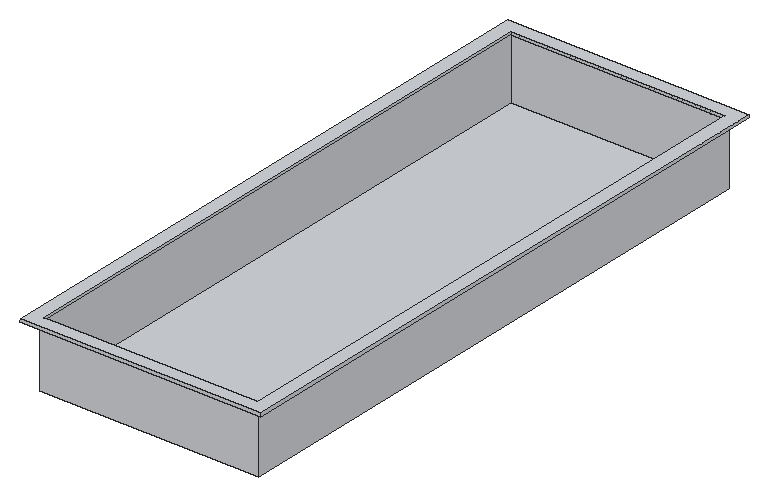
Revit family "Hager-Volta-IP30-Hollow_wall-vuoto-CH-it", category Electrical Equipment, host Face, Revit 2020
Family settings
  Host = Face
  Panel Configuration = Two Columns, Circuits Across
  Round Connector Dimension = Use Diameter
  Part Type = Panelboard
  Cut with Voids When Loaded = No
  Shared = No
  Room Calculation Point = No
Parameters (values of type "incassato  L330 A880 P94.5 12 Unità di divisione - VH60NK")
  Width Control [instance] = if([HG000006 - Ad incasso], if([EF000846 - larghezza di montaggio] > min_whd, [EF000846 - larghezza di montaggio], min_whd), if([EF000008 - Larghezza] > min_whd, ([EF000008 - Larghezza]), min_whd))  # 314 mm
  Void Depth [instance] = if([HG000006 - Ad incasso], Depth Control, 1 mm)  # 90 mm
  Type Comments = [HG000003 - Gamma]  # "Volta"
  System Height [instance] = Height Control - 2 * [HG000005 - Spessore]  # 840 mm
  Model = [HG000004 - Codice produttore]  # "VH60NK"
  HG000017 - Distanza tra i poli = 18 mm
  HG000016 - Visibilità delle porte nella vista 3D [instance] = yes
  HG000015 - Visibilità attraverso la porta [instance] = no
  HG000014 - Porta destra [instance] = yes
  HG000013 - Porta sinistra [instance] = not([HG000014 - Porta destra])  # no
  HG000012 - Angolo di apertura della porta [instance] = 45.00°
  HG000011 - File vuote nella parte basse = no
  HG000010 - Porte asimmetriche = no
  HG000009 - Porta doppia a battente = no
  HG000008 - Numero di file vuote = 0
  HG000007 - Numero di colonne vuote = 0
  HG000006 - Ad incasso = yes
  HG000005 - Spessore = 3 mm  # constant formula
  HG000004 - Codice produttore = "VH60NK"
  HG000003 - Gamma = "Volta"
  HG000002 - Con porta = no
  HG000001 - Numero di colonne = 0
  EF015941 - Segnale di passaggio porta = no
  EF015777 - Morsettiera neutra = no
  EF015776 - Morsettiera di terra = no
  EF009212 - esecuzione coperchio = "EV000116 - chiuso"
  EF006306 - con serratura = no
  EF006244 - coperchio/porta trasparente = no
  EF005474 - grado di protezione (IP) = ""
  EF004462 - tipo di chiusura = ""
  EF002950 - Numero moduli DIN = 12
  EF001596 - Attacco Lampada = "EV000139 - plastica"
  EF001134 - barra DIN = no
  EF001131 - profondità interna = 92 mm
  EF001088 - possibilità di applicazione = yes
  EF001062 - esecuzione EMC = yes
  EF000846 - larghezza di montaggio = 314 mm
  EF000339 - tipo di copertura = ""
  EF000332 - Altezza della parte incassata = 846 mm
  EF000266 - numero di file = 5
  EF000218 - profondità di incasso = 90 mm
  EF000118 - con piastra di montaggio = no
  EF000116 - numero RAL = "9010"
  EF000049 - profondità = 94 mm
  EF000040 - Altezza = 880 mm
  EF000008 - Larghezza = 330 mm
  EF000007 - colore = "EV000202 - bianco"
  EF000003 - Tipo di montaggio = "EV000128 - parete forata"
  Arrow Offset [instance] = Depth Control / 8  # 11.25 mm
  Arrow Height [instance] = Depth Control - Arrow Offset  # 78.75 mm
  Host Offset [instance] = if([HG000006 - Ad incasso], 0 mm, [EF000049 - profondità])  # 0 mm
  min_whd [instance] = (2 * [HG000005 - Spessore]) + 1 mm  # 7 mm
  Manufacturer = "Hager"  # constant formula
  Height Control [instance] = if([HG000006 - Ad incasso], if([EF000332 - Altezza della parte incassata] > min_whd, [EF000332 - Altezza della parte incassata], min_whd), if([EF000040 - Altezza] > min_whd, ([EF000040 - Altezza]), min_whd))  # 846 mm
  Flush Mounted - Door Frame Width [instance] = if(([EF000040 - Altezza] - [EF000332 - Altezza della parte incassata]) > 0 mm, if([HG000006 - Ad incasso], [EF000040 - Altezza] - [EF000332 - Altezza della parte incassata], 0 mm), 0 mm)  # 34 mm
  Depth Control [instance] = if([HG000006 - Ad incasso], if([EF000218 - profondità di incasso] > 0 mm, [EF000218 - profondità di incasso], 1 mm), if([EF000049 - profondità] > 0 mm, ([EF000049 - profondità]), 1 mm))  # 90 mm
  Default Elevation = 0 mm
Types (5, lengths in mm): name | System Height | Model | HG000004 - Codice produttore | EF000332 - Altezza della parte incassata | EF000266 - numero di file | EF000040 - Altezza | Height Control | Flush Mounted - Door Frame Width
  incassato  L330 A355 P94.5 12 Unità di divisione - VH12NK | 340 | "VH12NK" | "VH12NK" | 346 | 1 | 355 | 346 | 9
  incassato  L330 A484 P94.5 12 Unità di divisione - VH24NK | 465 | "VH24NK" | "VH24NK" | 471 | 2 | 484 | 471 | 13
  incassato  L330 A609 P94.5 12 Unità di divisione - VH36NK | 590 | "VH36NK" | "VH36NK" | 596 | 3 | 609 | 596 | 13
  incassato  L330 A734 P94.5 12 Unità di divisione - VH48NK | 715 | "VH48NK" | "VH48NK" | 721 | 4 | 734 | 721 | 13
  incassato  L330 A880 P94.5 12 Unità di divisione - VH60NK | 840 | "VH60NK" | "VH60NK" | 846 | 5 | 880 | 846 | 34
Reference planes
  plane 1 "Center (Front/Back)": y = 0
  plane 2: z = 0
  plane 3 "Center (Left/Right)": x = 0
  plane 4: z = 0
  plane 5: y = 37
  plane 6: z = -5
  plane 7: y = 457
  plane 8: y = 34
  plane 9: y = 880
  plane 10: z = -90
  plane 11: x = -157
  plane 12: x = 157
  plane 13: x = 154
  plane 14: x = -154
  plane 15: y = 877
  plane 16: z = -87
  plane 17: z = -3
  plane 18: z = -90
  plane 19: z = -3
Forms (mm)
  Extrusion 1, solid
    sketch origin (-583.045, 34, 1219.2) x (-1, 0, 0) y (0, 0, 1)
      loop
        line (-426.045, -1219.2) -> (-740.045, -1219.2) -> (-740.045, -1309.2) -> (-426.045, -1309.2) -> (-426.045, -1219.2)
    from 0 to 846 <- "Height Control"
  Extrusion 2, void
    sketch origin (-381.607, -4572, 0) x (0, -1, 0) y (-1, 0, 0)
      loop
        line (-5449, -227.607) -> (-5449, -535.607) -> (-4609, -535.607) -> (-4609, -227.607) -> (-5449, -227.607)
    from 0 to 87
  Extrusion 3, void
    sketch origin (0, 0, 0) x (1, 0, 0) y (0, 1, 0)
      loop
        line (-157, 34) -> (157, 34) -> (157, 880) -> (-157, 880) -> (-157, 34)
    from -90 to 1
  Extrusion 4, solid, detail levels coarse+medium
    sketch origin (-381.607, -4572, 0) x (-1, 0, 0) y (0, -1, 0)
      loop
        line (-227.607, -5449) -> (-227.607, -4609) -> (-535.607, -4609) -> (-535.607, -5449) -> (-227.607, -5449)
    from 0 to -3
Cuts and joins
  Extrusion 2 cuts Extrusion 1
Dimensions and locks
  plane 4 to plane 6 = 5 mm
  "Host Offset": plane 4 to host face
  "Flush Mounted - Door Frame Width": plane 1 "Center (Front/Back)" to plane 8
  "HG000005 - Spessore": plane 5 to plane 8
  locked: connector elem to plane 3 "Center (Left/Right)"
  "Height Control": plane 9 to plane 8
  equal spacing: plane 9, plane 7, plane 8
  locked: connector elem to plane 7
  "Depth Control": plane 4 to plane 10
  "HG000005 - Spessore": plane 11 to plane 14
  "HG000005 - Spessore": plane 12 to plane 13
  equal spacing: plane 11, plane 3 "Center (Left/Right)", plane 12
  "Width Control": plane 11 to plane 12
  "Arrow Offset": nested 4 to plane 10
  "HG000005 - Spessore": plane 9 to plane 15
  "HG000005 - Spessore": plane 16 to plane 10
  "HG000005 - Spessore": plane 4 to plane 17
  "Void Depth": plane 2 to plane 18
  "HG000005 - Spessore": plane 4 to plane 19
  aligned and locked: plane 2 to host face
  aligned and locked: level to host face
  aligned and locked: plane 3 "Center (Left/Right)" to nested 2
  aligned and locked: plane 4 to nested 2
  aligned and locked: nested 2 to plane 8
  aligned and locked: nested 1 to plane 6
  aligned and locked: plane 5 to nested 1
  aligned and locked: nested 4 to plane 11
  aligned and locked: nested 3 to plane 4
  aligned and locked: Extrusion 1 sketch curve to plane 12
  aligned and locked: Extrusion 1 sketch curve to plane 11
  aligned and locked: nested 3 to plane 10
  aligned and locked: plane 10 to Extrusion 1 sketch curve
  aligned and locked: plane 5 to Extrusion 2 sketch curve
  aligned and locked: Extrusion 2 sketch curve to plane 15
  aligned and locked: Extrusion 2 sketch curve to plane 14
  aligned and locked: Extrusion 2 sketch curve to plane 13
  aligned and locked: plane 11 to Extrusion 3 sketch curve
  aligned and locked: plane 9 to Extrusion 3 sketch curve
  aligned and locked: Extrusion 3 sketch curve to plane 8
  aligned and locked: plane 12 to Extrusion 3 sketch curve
  aligned and locked: nested 3 to plane 12
  aligned and locked: Extrusion 3 to plane 18
  aligned and locked: Extrusion 2 to plane 16
  aligned and locked: Extrusion 1 sketch curve to plane 4
  aligned and locked: Extrusion 4 to plane 17
  aligned and locked: Extrusion 4 sketch curve to plane 15
  aligned and locked: Extrusion 4 sketch curve to plane 13
  aligned and locked: Extrusion 4 sketch curve to plane 14
  aligned and locked: plane 5 to Extrusion 4 sketch curve
Automatic sketch dimensions
  host sketch curve to host sketch curve = 1469.727 mm
  host sketch curve to host sketch curve = 1434.803 mm
Nested families
  nested 1: "Hager_Enclosure_System" at (0, 37, -5) x (1, 0, 0) z (0, 1, 0), Depth <- "HG000005 - Spessore", Height <- "System Height", Width <- "EF000008 - Larghezza", Border <- "HG000005 - Spessore", Flush_Mounted <- "HG000006 - Ad incasso", Built-in_Width <- "EF000846 - larghezza di montaggio", Row_Module_Multiplicator <- "EF002950 - Numero moduli DIN", Total_No_Empty_Rows <- "HG000008 - Numero di file vuote", Total_No_Rows <- "EF000266 - numero di file", Empty_Columns <- "HG000007 - Numero di colonne vuote", Width_Control <- "Width Control", Empty_Rows_From_Bottom <- "HG000011 - File vuote nella parte basse", Distance_Between_Poles <- "HG000017 - Distanza tra i poli", Rows_Count <- "EF000266 - numero di file", Columns_Count <- "HG000001 - Numero di colonne", type "Hager_Enclosure_System", detail levels fine
    with Width_Control 314 mm, Width 330 mm, Total_No_Rows 5, Total_No_Empty_Rows 0, Total_No_Columns 1, System_Width 308 mm, Rows_Count 5, Rows_Column 5, Row_Module_Multiplicator 12, Panel_4 no, Panel_3 no, Panel_2 no, Panel_1 no, No_Panels_Ctrl 1, Hide_Columns yes, Height 840 mm, Flush_Mounted yes, Empty_Rows_From_Bottom no, Empty_Rows_Column 0, Empty_Columns 0, Distance_Between_Poles 18 mm, Depth 3 mm, Columns_Count 0, Column_Width 308 mm, Built-in_Width 314 mm, Border 3 mm
  nested 2: "Hager_Enclosure_Door" at (0, 34, 0) x (1, 0, 0) z (0, 1, 0), Border <- "HG000005 - Spessore", Door_Right <- "HG000014 - Porta destra", Flush_Mounted <- "HG000006 - Ad incasso", Depth <- "EF000049 - profondità", Width <- "EF000008 - Larghezza", Door_Left <- "HG000013 - Porta sinistra", 3d_Door <- "HG000016 - Visibilità delle porte nella vista 3D", BuiltIn_Width <- "EF000846 - larghezza di montaggio", BuiltIn_Height <- "EF000332 - Altezza della parte incassata", BuiltIn_Depth <- "EF000218 - profondità di incasso", Angle <- "HG000012 - Angolo di apertura della porta", Assymetrical <- "HG000010 - Porte asimmetriche", Double <- "HG000009 - Porta doppia a battente", Clearance <- "HG000015 - Visibilità attraverso la porta", Transparent <- "EF006244 - coperchio/porta trasparente", Door <- "HG000002 - Con porta", Height_Ctrl <- "Height Control", Width_Ctrl <- "Width Control", Height <- "EF000040 - Altezza", type "Hager_Enclosure_Door", detail levels medium+fine
    with min_wh 7 mm, Width_Ctrl 314 mm, Width 330 mm, Transparent_Door_No_Bottom_Border no, Transparent no, Leaf_Width 305 mm, Leaf_Tolerance 1.5 mm, Leaf_Height 837 mm, Leaf_2_Width 305 mm, Leaf_2_Offset 152.5 mm, Leaf_1_Width 305 mm, Leaf_1_Offset 152.5 mm, Height_Ctrl 846 mm, Height 880 mm, Frame_Width_Ctrl 16 mm, Frame_Width 16 mm, Frame_Internal_Offset 3 mm, Frame_Height_Ctrl 34 mm, Frame_Height 34 mm, Frame_Depth_Ctrl 4 mm, Frame_Depth 4 mm, Flush_Mounted yes, Double_Clearance_Ctrl no, Double no, Door_Right_Ctrl no, Door_Right yes, Door_Left_Ctrl no, Door_Left no, Door no, Depth 94 mm, Clearance_Depth 305 mm, Clearance_Ctrl no, Clearance no, BuiltIn_Width 314 mm, BuiltIn_Height 846 mm, BuiltIn_Depth 90 mm, Border 3 mm, Assymetrical no, Angle 45.00°, 3d_Door yes
  nested 3: "Hager_Enclosure_Symbol_Triangle" at (-157, 0, -90) x (1, 0, 0) z (0, -1, 0), Depth <- "Depth Control", Width <- "Width Control", type "Hager_Enclosure_Symbol_Triangle"
    with Width_Ctrl 314 mm, Width 314 mm, Depth_Ctrl 90 mm, Depth 90 mm
  nested 4: "Hager_Enclosure_Symbol_Arrow" at (-157, 0, -78.75) x (1, 0, 0) z (0, -1, 0), Height <- "Arrow Height", type "Hager_Enclosure_Symbol_Arrow"
    with Width_Inside 5.906 mm, Width 70.875 mm, Height_Ctrl 78.75 mm, Height 78.75 mm
Connectors
  electrical at (0, 457, -90)
    settings: on plane 10, index 1, voltage 0 V, apparent load 0 VA, apparent load phase1 0 VA, apparent load phase2 0 VA, apparent load phase3 0 VA, power factor 1, load classification "Other", number of poles 1, system type 30, power factor state 1, is connector primary yes, connector utility no, sub classification motor no, connector description ""
Definition of nested family "Hager_Enclosure_Door"
  Parameters (values of type "Hager_Enclosure_Door")
    min_wh [instance] = (2 * Border) + 1 mm  # 11 mm
    Width_Ctrl [instance] = 400 mm
    Width [instance] = 500 mm
    Transparent_Door_No_Bottom_Border [instance] = no
    Transparent [instance] = yes
    Leaf_Width [instance] = if((Width_Ctrl - 2 * Border - 2 * Leaf_Tolerance) > 0 mm, (Width_Ctrl - 2 * Border - 2 * Leaf_Tolerance), min_wh)  # 387 mm
    Leaf_Tolerance [instance] = 1.5 mm  # constant formula
    Leaf_Height [instance] = if((Height_Ctrl - 2 * Border - 2 * Leaf_Tolerance) > 0 mm, (Height_Ctrl - 2 * Border - 2 * Leaf_Tolerance), min_wh)  # 387 mm
    Leaf_2_Width [instance] = if(and(and(Double, Assymetrical), Door_Left), (Leaf_Width / 3) - (Leaf_Tolerance / 2), if(and(and(Double, Assymetrical), Door_Right), (Leaf_Width / 3) * 2 - (Leaf_Tolerance / 2), if(and(Double, not(Assymetrical)), (Leaf_Width / 2) - Leaf_Tolerance, Leaf_Width)))  # 387 mm
    Leaf_2_Offset [instance] = if(and(Double, Assymetrical), Leaf_2_Width / 2, if(and(Double, not(Assymetrical)), Leaf_Width / 4, Leaf_Width / 2))  # 193.5 mm
    Leaf_1_Width [instance] = if(and(and(Double, Assymetrical), Door_Right), (Leaf_Width / 3) - (Leaf_Tolerance / 2), if(and(and(Double, Assymetrical), Door_Left), (Width / 3) * 2 - (Leaf_Tolerance / 2), if(and(Double, not(Assymetrical)), (Leaf_Width / 2) - Leaf_Tolerance, Leaf_Width)))  # 387 mm
    Leaf_1_Offset [instance] = if(and(Double, Assymetrical), Leaf_1_Width / 2, if(and(Double, not(Assymetrical)), Leaf_Width / 4, Leaf_Width / 2))  # 193.5 mm
    Height_Ctrl [instance] = 400 mm
    Height [instance] = 500 mm
    Frame_Width_Ctrl [instance] = if(Frame_Width > 0 mm, Frame_Width, 1 mm)  # 1 mm
    Frame_Width [instance] = Width - BuiltIn_Width  # 0 mm
    Frame_Internal_Offset [instance] = if(Flush_Mounted, Border, 0 mm)  # 5 mm
    Frame_Height_Ctrl [instance] = if(Frame_Height > 0 mm, Frame_Height, 1 mm)  # 1 mm
    Frame_Height [instance] = Height - BuiltIn_Height  # 0 mm
    Frame_Depth_Ctrl [instance] = if(Frame_Depth > 0 mm, Frame_Depth, 1 mm)  # 1 mm
    Frame_Depth [instance] = if(Depth - BuiltIn_Depth > 0 mm, if(Flush_Mounted, Depth - BuiltIn_Depth, 0 mm), 0 mm)  # 0 mm
    Flush_Mounted [instance] = yes
    Double_Clearance_Ctrl [instance] = and(Double, Clearance)  # no
    Double [instance] = no
    Door_Right_Ctrl [instance] = and(or(Door_Right, Double), Door)  # yes
    Door_Right [instance] = yes
    Door_Left_Ctrl [instance] = and(or(Door_Left, Double), Door)  # no
    Door_Left [instance] = no
    Door [instance] = yes
    Depth [instance] = 500 mm
    Default Elevation = 1219.2 mm
    Clearance_Material = none
    Clearance_Depth [instance] = if(Leaf_1_Width > Leaf_2_Width, Leaf_1_Width, Leaf_2_Width)  # 387 mm
    Clearance_Ctrl [instance] = and(not(Double), Clearance)  # yes
    Clearance [instance] = yes
    BuiltIn_Width [instance] = 500 mm
    BuiltIn_Height [instance] = 500 mm
    BuiltIn_Depth [instance] = 500 mm
    Border [instance] = 5 mm
    Assymetrical [instance] = yes
    Angle [instance] = 30.00°
    3d_Door [instance] = yes
  Reference planes
    plane 1 "Center (Front/Back)": y = 0
    plane 2 "Bottom": z = 0
    plane 3 "Center (Left/Right)": x = 0
    plane 4: z = 400
    plane 5: x = -200
    plane 6: x = 200
    plane 7: z = 395
    plane 8: x = -195
    plane 9: z = 5
    plane 10: x = 195
    plane 11: y = 0
    plane 12: z = 6.5
    plane 13: x = -582
    plane 14: y = -387
    plane 15: x = 582
    plane 16: x = 0
    plane 17: x = 0
    plane 18: x = -193.5
    plane 19: x = 193.5
    plane 20: z = 393.5
  Forms (mm)
    Extrusion 1, solid, visible <- "Flush_Mounted"
      sketch origin (0, 0, 0) x (1, 0, 0) y (0, 0, 1)
        loop
          line (195, 5) -> (195, 395) -> (-195, 395) -> (-195, 5) -> (195, 5)
        loop
          line (-201, 401) -> (-201, -1) -> (201, -1) -> (201, 401) -> (-201, 401)
      from 0 to 1 <- "Frame_Depth_Ctrl"
    Extrusion 2, solid, material <- "Clearance_Material", visible <- "Double_Clearance_Ctrl"
      sketch origin (1200, 0, 0) x (1, 0, 0) y (0, 0, -1)
        loop
          line (-1782, -393.5) -> (-618, -393.5) -> (-618, 0) -> (-1782, 0) -> (-1782, -393.5)
      from 0 to -387
  Dimensions and locks
    equal spacing: plane 5, plane 3 "Center (Left/Right)", plane 6
    "Width_Ctrl": plane 5 to plane 6
    "Border": plane 5 to plane 8
    "Border": plane 6 to plane 10
    "Border": plane 9 to level
    "Border": plane 4 to plane 7
    "Height_Ctrl": plane 4 to level
    "Leaf_Tolerance": plane 12 to plane 9
    "Frame_Depth": plane 11 to plane 1 "Center (Front/Back)"
    "Frame_Width_Ctrl": plane 5 to Extrusion 1 sketch curve
    "Frame_Width_Ctrl": plane 6 to Extrusion 1 sketch curve
    "Frame_Width_Ctrl": Extrusion 1 sketch curve to plane 4
    "Frame_Width_Ctrl": plane 2 "Bottom" to Extrusion 1 sketch curve
    "Leaf_1_Offset": plane 18 to plane 16
    "Leaf_2_Offset": plane 17 to plane 19
    "Leaf_1_Width": plane 13 to plane 8
    "Leaf_2_Width": plane 10 to plane 15
    "Clearance_Depth": plane 14 to plane 1 "Center (Front/Back)"
    "Leaf_Tolerance": plane 8 to plane 18
    "Leaf_Tolerance": plane 19 to plane 10
    "Leaf_Tolerance": plane 7 to plane 20
    "Frame_Internal_Offset": plane 5 to Extrusion 1 sketch curve
    "Frame_Internal_Offset": Extrusion 1 sketch curve to plane 2 "Bottom"
    "Frame_Internal_Offset": plane 6 to Extrusion 1 sketch curve
    "Frame_Internal_Offset": plane 4 to Extrusion 1 sketch curve
    aligned and locked: level to plane 2 "Bottom"
    aligned and locked: nested 1 to plane 16
    aligned and locked: nested 2 to plane 17
    aligned and locked: Extrusion 2 to plane 13
    aligned and locked: plane 15 to Extrusion 2
    aligned and locked: Extrusion 2 to plane 14
    aligned and locked: plane 12 to nested 1
    aligned and locked: nested 2 to plane 12
    aligned and locked: Extrusion 2 to plane 11
    aligned and locked: plane 20 to Extrusion 2
    aligned and locked: nested 2 to plane 11
    aligned and locked: nested 1 to plane 11
  Automatic sketch dimensions
    Extrusion 2 sketch curve to level = 0 mm
    plane 5 to Extrusion 2 sketch curve = 382 mm
    plane 6 to Extrusion 2 sketch curve = 382 mm
    Extrusion 2 sketch curve to plane 4 = 6.5 mm
  Nested families
    nested 1: "Hager_Enclosure_Door_Leaf" at (0, 0, 6.5), Width <- "Leaf_1_Width", visible <- "Door_Left_Ctrl", Leaf_Height <- "Leaf_Height", Angle <- "Angle", Depth <- "Border", 3d_Door <- "3d_Door", Transparent <- "Transparent", Clearance Material <- "Clearance_Material", Clearance <- "Clearance_Ctrl", Transparent_Door_No_Bottom_Border <- "Transparent_Door_No_Bottom_Border", type "Hager_Enclosure_Door_Leaf"
      with Width 387 mm, Transparent_Door_No_Bottom_Border no, Transparent_Door_Border_Bottom_Top 25 mm, Transparent_Door_Border 25 mm, Transparent_Ctrl yes, Transparent yes, Standard no, Leaf_Height 387 mm, Glass_Offset 1 mm, Depth 5 mm, Clearance Material none, Clearance yes, Angle_Ctrl 30.00°, Angle 30.00°, 3d_Door yes
    nested 2: "Hager_Enclosure_Door_Leaf" at (0, 0, 6.5) x (-1, 0, 0) z (0, 0, 1), Width <- "Leaf_2_Width", visible <- "Door_Right_Ctrl", Leaf_Height <- "Leaf_Height", Angle <- "Angle", Depth <- "Border", 3d_Door <- "3d_Door", Transparent <- "Transparent", Clearance Material <- "Clearance_Material", Clearance <- "Clearance_Ctrl", Transparent_Door_No_Bottom_Border <- "Transparent_Door_No_Bottom_Border", type "Hager_Enclosure_Door_Leaf"
      with Width 387 mm, Transparent_Door_No_Bottom_Border no, Transparent_Door_Border_Bottom_Top 25 mm, Transparent_Door_Border 25 mm, Transparent_Ctrl yes, Transparent yes, Standard no, Leaf_Height 387 mm, Glass_Offset 1 mm, Depth 5 mm, Clearance Material none, Clearance yes, Angle_Ctrl 30.00°, Angle 30.00°, 3d_Door yes
  Definition of nested family "Hager_Enclosure_Door_Leaf"
    Parameters (values of type "Hager_Enclosure_Door_Leaf")
      Width [instance] = 2000 mm
      Transparent_Door_No_Bottom_Border [instance] = yes
      Transparent_Door_Border_Bottom_Top [instance] = if(Transparent_Door_No_Bottom_Border, 0.1 mm, Transparent_Door_Border)  # 0.1 mm
      Transparent_Door_Border [instance] = if(Transparent_Door_No_Bottom_Border, (Width * 0.12), 25 mm)  # 240 mm
      Transparent_Ctrl [instance] = and(Transparent, [3d_Door])  # yes
      Transparent [instance] = yes
      Standard [instance] = and(not(Transparent), [3d_Door])  # no
      Leaf_Height [instance] = 2720.336 mm
      Glass_Offset [instance] = if((Depth - 10 mm) / 2 > 0 mm, (Depth - 10 mm) / 2, 1 mm)  # 15 mm
      Glass_Material = none
      Depth [instance] = 40 mm
      Default Elevation = 0 mm
      Clearance Material [instance] = none
      Clearance [instance] = yes
      Angle_Ctrl [instance] = if(Angle > 170.00°, 170.00°, Angle)  # 45.00°
      Angle [instance] = 45.00°
      3d_Door [instance] = yes
    Reference planes
      plane 1 "Center (Front/Back)": y = 0
      plane 2: z = 0
      plane 3 "Center (Left/Right)": x = 0
      plane 4: y = 2000
      plane 5: x = -1000
      plane 6: x = 1000
      plane 7: x = -3000
      plane 8: z = 2720.336
      plane 9: z = 0.1
      plane 10: z = 2720.236
      plane 11: x = 760
      plane 12: x = -760
    Forms (mm)
      Extrusion 1, solid, material <- "Clearance Material", visible <- "Clearance"
        sketch origin (0, 0, 0) x (1, 0, 0) y (0, 0, 1)
          loop
            line (-3000, 2720.336) -> (-3000, 0) -> (1000, 0) -> (1000, 2720.336) -> (-3000, 2720.336)
        from 0 to -2000
      Extrusion 2, solid, visible <- "Standard", detail levels medium+fine
        sketch origin (-1000, 0, 0) x (0.707107, 0.707107, 0) y (-0.707107, 0.707107, 0)
          loop
            line (0, -40) -> (2000, -40) -> (2000, 0) -> (0, 0) -> (0, -40)
        from 0 to 2720.336 <- "Leaf_Height"
      Extrusion 3, solid, visible <- "Transparent_Ctrl", detail levels medium+fine
        sketch origin (-1000, 0, 0) x (0.707107, 0.707107, 0) y (-0.707107, 0.707107, 0)
          loop
            line (0, -40) -> (2000, -40) -> (2000, 0) -> (0, 0) -> (0, -40)
        from 0 to 2720.336 <- "Leaf_Height"
      Extrusion 4, void, detail levels medium+fine
        sketch origin (-1000, 0, 0) x (-0.707107, 0.707107, 0) y (0.707107, 0.707107, 0)
          loop
            line (0, 240) -> (0, 1760) -> (-40, 1760) -> (-40, 240) -> (0, 240)
        from -2720.236 to -0.1
      Extrusion 5, solid, material <- "Glass_Material", visible <- "Transparent_Ctrl", detail levels medium+fine
        sketch origin (-1000, 0, 0) x (0.707107, 0.707107, 0) y (-0.707107, 0.707107, 0)
          loop
            line (240, -15) -> (240, -25) -> (1760, -25) -> (1760, -15) -> (240, -15)
        from 0.1 to 2720.236
    Cuts and joins
      Extrusion 4 cuts Extrusion 3
    Lines and regions (mm)
      symbolic lines
        curve 1: line (1000, 0, 0) -> (-3000, 0, 0)
        curve 2: arc (1000, 0, 0) -> (-1000, 2000, 0) -> (-3000, 0, 0) r 2000
        curve 4: line (-1000, 0, 0) -> (414.214, 1414.214, 0)
      reference lines
        curve 3: line (-1000, 0, 0) -> (414.214, 1414.214, 0)
      symbolic lines, detail levels medium+fine
        curve 5: line (414.214, 1414.214, 0) -> (442.498, 1385.929, 0)
        curve 6: line (442.498, 1385.929, 0) -> (-971.716, -28.284, 0)
        curve 7: line (-971.716, -28.284, 0) -> (-1000, 0, 0)
        curve 8: line (-1000, 0, 2720.336) -> (1000, 0, 2720.336)
        curve 9: line (-1000, 0, 0) -> (-1000, 0, 2720.336)
        curve 10: line (1000, 0, 0) -> (-1000, 0, 0)
        curve 11: line (1000, 0, 2720.336) -> (1000, 0, 0)
      symbolic lines, visible <- "Transparent_Ctrl", detail levels medium+fine
        curve 12: line (-760, 0, 2720.236) -> (760, 0, 2720.236)
        curve 13: line (-760, 0, 0.1) -> (-760, 0, 2720.236)
        curve 14: line (760, 0, 0.1) -> (-760, 0, 0.1)
        curve 15: line (760, 0, 2720.236) -> (760, 0, 0.1)
    Dimensions and locks
      "Width": plane 1 "Center (Front/Back)" to plane 4
      equal spacing: plane 5, plane 3 "Center (Left/Right)", plane 6
      "Width": plane 5 to plane 6
      "Width": plane 7 to plane 5
      "Leaf_Height": plane 8 to level
      "Depth": curve 6 to curve 3
      "Width": curve 5 to curve 3
      "Width": curve 3 to curve 3
      "Transparent_Door_Border": Extrusion 4 sketch curve to curve 7
      "Transparent_Door_Border": Extrusion 4 sketch curve to curve 5
      "Transparent_Door_Border_Bottom_Top": plane 8 to plane 10
      "Transparent_Door_Border_Bottom_Top": plane 9 to level
      "Glass_Offset": Extrusion 5 sketch curve to curve 4
      "Glass_Offset": Extrusion 5 sketch curve to curve 6
      "Transparent_Door_Border": Extrusion 5 sketch curve to curve 5
      "Transparent_Door_Border": Extrusion 5 sketch curve to curve 7
      "Transparent_Door_Border": plane 12 to plane 5
      "Transparent_Door_Border": plane 6 to plane 11
      "Angle_Ctrl": angle plane 1 "Center (Front/Back)" to curve 3
      aligned and locked: level to plane 2
      aligned and locked: Extrusion 1 to curve 1
      aligned and locked: plane 6 to Extrusion 1
      aligned and locked: Extrusion 1 to plane 1 "Center (Front/Back)"
      aligned and locked: plane 4 to Extrusion 1
      aligned and locked: plane 8 to Extrusion 1
      aligned and locked: curve 4 to curve 3
      aligned and locked: Extrusion 2 sketch curve to curve 7
      aligned and locked: Extrusion 2 sketch curve to curve 6
      aligned and locked: Extrusion 2 sketch curve to curve 5
      aligned and locked: Extrusion 2 sketch curve to curve 3
      aligned and locked: curve 7 to Extrusion 3 sketch curve
      aligned and locked: Extrusion 3 sketch curve to curve 4
      aligned and locked: Extrusion 3 sketch curve to curve 6
      aligned and locked: Extrusion 3 sketch curve to curve 5
      aligned and locked: curve 4 to Extrusion 4 sketch curve
      aligned and locked: curve 6 to Extrusion 4 sketch curve
      aligned and locked: Extrusion 4 to plane 9
      aligned and locked: Extrusion 4 to plane 10
      aligned and locked: Extrusion 5 to plane 9
      aligned and locked: Extrusion 5 to plane 10
      aligned and locked: curve 8 to plane 8
      aligned and locked: plane 5 to curve 9
      aligned and locked: plane 2 to curve 10
      aligned and locked: curve 11 to plane 6
      aligned and locked: plane 10 to curve 12
      aligned and locked: plane 12 to curve 13
      aligned and locked: curve 14 to plane 9
      aligned and locked: plane 11 to curve 15
    Automatic sketch dimensions
      plane 1 "Center (Front/Back)" to curve 2 = 0 mm
      curve 2 to plane 5 = 0 mm
      Extrusion 1 sketch curve to level = 0 mm
      Extrusion 1 sketch curve to plane 7 = 0 mm
      Extrusion 1 sketch curve to plane 6 = 0 mm
      Extrusion 1 sketch curve to plane 8 = 0 mm
      plane 1 "Center (Front/Back)" to curve 3 = 0 mm
      curve 3 to plane 5 = 0 mm
      curve 7 to curve 3 = 0 mm
Definition of nested family "Hager_Enclosure_Symbol_Triangle"
  Parameters (values of type "Hager_Enclosure_Symbol_Triangle")
    Width_Ctrl [instance] = if(Width > 1 mm, Width, 1 mm)  # 498 mm
    Width [instance] = 498 mm
    Depth_Ctrl [instance] = if(Depth > 1 mm, Depth, 1 mm)  # 72 mm
    Depth [instance] = 72 mm
  Reference planes
    plane 1 "Centre (avant/arrière)": y = 0
    plane 2: z = 0
    plane 3 "Centre (gauche/droite)": x = 0
  Lines and regions (mm)
    Filled region 1, type "Solid_Black", in view "Niveau de réf."
      outline origin (0, 0, 0) x (1, 0, 0) y (0, 1, 0)
        loop
          line (0, 0) -> (498, 0) -> (498, 72) -> (0, 0)
    reference lines, in view "Niveau de réf."
      curve 1: line (-206.153, 72, 0) -> (1083.258, 72, 0)
      curve 2: line (498, 405.456, 0) -> (498, -517.619, 0)
  Dimensions and locks
    "Depth_Ctrl": plane 1 "Centre (avant/arrière)" to curve 1
    "Width_Ctrl": plane 3 "Centre (gauche/droite)" to curve 2
    aligned and locked: curve 1 to Filled region 1 sketch curve
    aligned and locked: Filled region 1 sketch curve to plane 1 "Centre (avant/arrière)"
    aligned and locked: curve 2 to Filled region 1 sketch curve
    aligned and locked: plane 3 "Centre (gauche/droite)" to Filled region 1 sketch curve
    aligned and locked: plane 1 "Centre (avant/arrière)" to Filled region 1 sketch curve
  Automatic sketch dimensions
    curve 1 to plane 3 "Centre (gauche/droite)" = 206.153 mm
    curve 2 to curve 1 = 585.258 mm
    plane 1 "Centre (avant/arrière)" to curve 2 = 517.619 mm
    curve 2 to plane 1 "Centre (avant/arrière)" = 405.456 mm
Definition of nested family "Hager_Enclosure_Symbol_Arrow"
  Parameters (values of type "Hager_Enclosure_Symbol_Arrow")
    Width_Inside [instance] = if(Width / 12 > 2 mm, Width / 12, 2 mm)  # 4.987 mm
    Width [instance] = if(Height_Ctrl * 0.9 > 2 mm, Height_Ctrl * 0.9, 2 mm)  # 59.85 mm
    Height_Ctrl [instance] = if(Height > 2 mm, Height, 2 mm)  # 66.5 mm
    Height [instance] = 66.5 mm
  Reference planes
    plane 1 "Centre (avant/arrière)": y = 0
    plane 2: z = 0
    plane 3 "Centre (gauche/droite)": x = 0
    plane 4: x = 59.85
    plane 5: y = 28.263
    plane 6: y = 38.238
    plane 7: y = 66.5
    plane 8: x = 29.925
    plane 9: y = 33.25
  Lines and regions (mm)
    Filled region 1, type "Solid_Black", in view "Niveau de réf."
      outline origin (0, 0, 0) x (1, 0, 0) y (0, 1, 0)
        loop
          line (59.85, 66.5) -> (37.929, 52.827) -> (51.846, 41.935) -> (59.85, 66.5)
    detail lines, in view "Niveau de réf."
      curve 1: line (0, 0, 0) -> (29.925, 38.238, 0)
      curve 2: line (29.925, 38.238, 0) -> (29.925, 28.263, 0)
      curve 3: line (29.925, 28.263, 0) -> (59.85, 66.5, 0)
  Dimensions and locks
    "Width": plane 3 "Centre (gauche/droite)" to plane 4
    "Height_Ctrl": plane 7 to plane 1 "Centre (avant/arrière)"
    equal spacing: plane 3 "Centre (gauche/droite)", plane 8, plane 4
    equal spacing: plane 7, plane 9, plane 1 "Centre (avant/arrière)"
    equal spacing: plane 6, plane 9, plane 5
    "Width_Inside": plane 6 to plane 9
    equal spacing: curve 3, Filled region 1 sketch curve, Filled region 1 sketch curve
    angle Filled region 1 sketch curve to curve 3 = 20.00°
    angle curve 3 to Filled region 1 sketch curve = 20.00°
    locked: curve 3 to Filled region 1 sketch curve (angle 90.00°)
  Automatic sketch dimensions
    plane 1 "Centre (avant/arrière)" to curve 1 = 0 mm
    curve 1 to plane 3 "Centre (gauche/droite)" = 0 mm
    curve 2 to plane 6 = 0 mm
    curve 3 to plane 8 = 0 mm
    curve 3 to plane 4 = 0 mm
    curve 2 to plane 5 = 0 mm
    curve 3 to plane 7 = 0 mm
    Filled region 1 sketch curve to plane 4 = 0 mm
    Filled region 1 sketch curve to plane 7 = 0 mm
